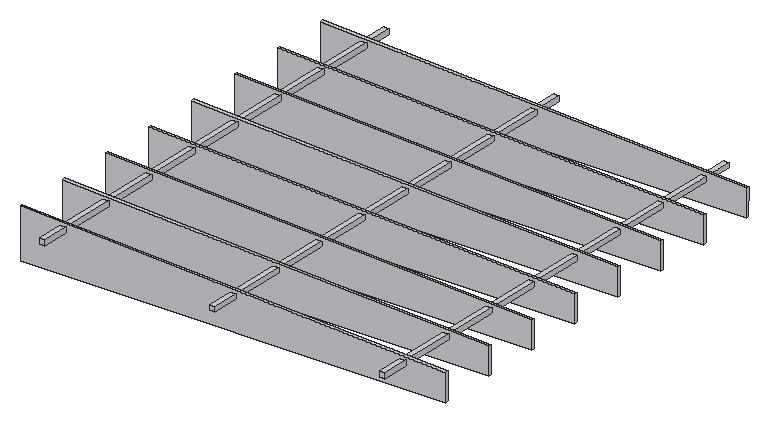
Revit family "J2 PET Felt Switch Baffle System A", category Specialty Equipment, Revit 2021
Family settings
  Round Connector Dimension = Use Diameter
  Part Type = Normal
  Work Plane-Based = No
  Always vertical = Yes
  Cut with Voids When Loaded = No
  Shared = No
  Room Calculation Point = No
Parameters (values of type "Switch Baffle System A 8'-0"x7'-11"x11"")
  Overall Width (Max. 7'-11") = 7' - 11"
  URL = "https://www.j2systems.net/"
  Symbol Name = "CSBSSW-A"
  Style Number = "CSBSSW-A"
  Release Date = "2019"
  Product Line = "Ceiling System"
  Number of Support Rails Needed = if([Overall Width (Max. 7'-11")] > 5' 6", 3, 2)  # 3
  End Spacing = ([Nominal Length (Max. 8'-0")] / Baffles / 2)  # 0' - 6"
  Baffles = 8
  Model = "Switch Baffle System A"
  Manufacturer = "J2 Systems"  # constant formula
  Nominal Length (Max. 8'-0") = 8' - 0"
  Felt Color = none
  Default Elevation = 0' - 0"
  Baffle Spacing [instance] = 1' - 0"
  Baffle Height @ Narrow End = 0' - 6"
  Baffle Height (Max. 3'-11") = 0' - 11"
Types (2): name | Overall Width (Max. 7'-11") | Number of Support Rails Needed
  Switch Baffle System A 8'-0"x7'-11"x11" | 7' - 11" | 3
  Switch Baffle System A 8'-0"x3'-11"x11" | 3' - 11" | 2
Reference planes (in)
  plane 1 "Center (Front/Back)": y = 0
  plane 2: z = 0
  plane 3 "Center (Left/Right)": x = 0
  plane 4: y = 48
  plane 5: y = -48
  plane 6: x = -47.5
  plane 7: x = 47.5
  plane 8 "Top Edge": z = 11
  plane 9: y = 42
  plane 10: y = -42
  plane 11 "Center L/S": z = 10.25
  plane 12 "Center L/T": z = 5
Dimensions and locks (in)
  equal spacing: plane 4, plane 1 "Center (Front/Back)", plane 5
  equal spacing: plane 6, plane 3 "Center (Left/Right)", plane 7
  "Nominal Length (Max. 8'-0")": plane 4 to plane 5
  "Overall Width (Max. 7'-11")": plane 6 to plane 7
  "Baffle Height (Max. 3'-11")": plane 8 "Top Edge" to level
  locked: plane 6 to nested 1 at 9
  equal spacing: group 1, group 11, group 2  (x3)
  locked: nested 2 to plane 7 at 9
  "End Spacing": plane 4 to plane 9
  "End Spacing": plane 10 to plane 5
  plane 8 "Top Edge" to plane 11 "Center L/S" = 0' - 0 3/4"
  equal spacing: group 3, group 5, group 6, group 7, group 8, group 9, group 10, group 4  (x2)
  equal spacing: group 4, group 10, group 9, group 8, group 7, group 6, group 5, group 3
  "Baffle Height @ Narrow End": plane 8 "Top Edge" to plane 12 "Center L/T"
  aligned and locked: plane 2 to level
  aligned and locked: plane 11 "Center L/S" to nested 2
  aligned and locked: plane 11 "Center L/S" to nested 1
  aligned and locked: nested 3 to plane 9
  aligned and locked: nested 4 to plane 10
Nested families (in)
  nested 1: "Aluminum Support Rail" at (-37.9375, 0, 9.125), type "Aluminum Support Rail"
    with Length 8' - 0"
  nested 2: "Aluminum Support Rail" at (37.9375, 0, 9.125), type "Aluminum Support Rail"
    with Length 8' - 0"
  nested 3: "J2 PET Felt Switch Baffle Single" at (0, 42, 0), type "Switch Baffle 7'-11" x 11""
  nested 4: "J2 PET Felt Switch Baffle Single" at (0, -42, 0), type "Switch Baffle 7'-11" x 11""
  nested 5: "J2 PET Felt Switch Baffle Single" at (0, 30, 0), type "Switch Baffle 7'-11" x 11""
  nested 6: "J2 PET Felt Switch Baffle Single" at (0, 18, 0), type "Switch Baffle 7'-11" x 11""
  nested 7: "J2 PET Felt Switch Baffle Single" at (0, 6, 0), type "Switch Baffle 7'-11" x 11""
  nested 8: "J2 PET Felt Switch Baffle Single" at (0, -6, 0), type "Switch Baffle 7'-11" x 11""
  nested 9: "J2 PET Felt Switch Baffle Single" at (0, -18, 0), type "Switch Baffle 7'-11" x 11""
  nested 10: "J2 PET Felt Switch Baffle Single" at (0, -30, 0), type "Switch Baffle 7'-11" x 11""
  nested 11: "Aluminum Support Rail" at (0, 0, 9.125), type "Aluminum Support Rail"
    with Length 8' - 0"
Definition of nested family "Aluminum Support Rail"
  Parameters (values of type "Aluminum Support Rail")
    URL = "https://www.j2systems.net/"
    Symbol Name = "CSBFRE"
    Style Number = "CSBFRE"
    Release Date = "2019"
    Product Line = "Ceiling System"
    Model = "Rectangular Baffle Single"
    Manufacturer = "J2 Systems"  # constant formula
    Length = 7' - 11"
    Default Elevation = 0' - 0"
  Reference planes (in)
    plane 1 "Center (Front/Back)": y = 0
    plane 2: z = 0
    plane 3 "Center (Left/Right)": x = 0
    plane 4: y = 47.5
    plane 5: y = -47.5
    plane 6: x = -0.5625
    plane 7: x = 0.5625
    plane 8: z = 11
  Forms (in)
    Extrusion 1, solid
      sketch origin (0, 0, 0) x (1, 0, 0) y (0, 1, 0)
        loop
          line (-0.5625, 47.5) -> (-0.5625, -47.5) -> (0.5625, -47.5) -> (0.5625, 47.5) -> (-0.5625, 47.5)
      from 0 to 1.125
  Dimensions and locks (in)
    equal spacing: plane 6, plane 3 "Center (Left/Right)", plane 7
    locked: plane 8 to level at 11
    equal spacing: plane 4, plane 1 "Center (Front/Back)", plane 5
    plane 6 to plane 7 = 0' - 1 1/8"
    "Length": plane 4 to plane 5
    aligned and locked: plane 2 to level
    aligned and locked: plane 7 to Extrusion 1
    aligned and locked: Extrusion 1 to plane 6
    aligned and locked: Extrusion 1 to plane 5
    aligned and locked: plane 4 to Extrusion 1
  Automatic sketch dimensions
    Extrusion 1 sketch curve to plane 5 = 0' - 0"
    Extrusion 1 sketch curve to plane 6 = 0' - 0"
    Extrusion 1 sketch curve to plane 7 = 0' - 0"
    Extrusion 1 sketch curve to plane 4 = 0' - 0"
Definition of nested family "J2 PET Felt Switch Baffle Single"
  Parameters (values of type "Switch Baffle 7'-11" x 11"")
    URL = "https://www.j2systems.net/"
    Symbol Name = "CSBFSW"
    Style Number = "CSBFSW"
    Release Date = "2019"
    Product Line = "Ceiling System"
    Model = "Switch Baffle Single"
    Manufacturer = "J2 Systems"  # constant formula
    Baffle Length (Max. 7'-11") = 7' - 11"
    Felt Color = none
    Default Elevation = 0' - 0"
    Baffle Height @ Narrow End = 0' - 6"
    Baffle Height (Max. 3'-11") = 0' - 11"
  Reference planes (in)
    plane 1 "Center (Front/Back)": y = 0
    plane 2: z = 0
    plane 3 "Center (Left/Right)": x = 0
    plane 4: y = 0.25
    plane 5: y = -0.25
    plane 6: x = -47.5
    plane 7: x = 47.5
    plane 8: z = 11
    plane 9: z = 5
  Forms (in)
    Extrusion 1, solid, material <- "Felt Color"
      sketch origin (0, 0, 0) x (1, 0, 0) y (0, 0, 1)
        loop
          line (-47.5, 11) -> (-47.5, 0) -> (47.5, 5) -> (47.5, 11) -> (-47.5, 11)
      from -0.25 to 0.25
  Dimensions and locks (in)
    equal spacing: plane 6, plane 3 "Center (Left/Right)", plane 7
    "Baffle Length (Max. 7'-11")": plane 6 to plane 7
    "Baffle Height (Max. 3'-11")": plane 8 to level
    "Baffle Height @ Narrow End": plane 8 to plane 9
    aligned and locked: plane 2 to level
    aligned and locked: plane 9 to Extrusion 1 sketch curve
    aligned and locked: plane 7 to Extrusion 1
    aligned and locked: plane 8 to Extrusion 1
    aligned and locked: Extrusion 1 to plane 6
    aligned and locked: level to Extrusion 1 sketch curve
  Automatic sketch dimensions
    Extrusion 1 sketch curve to plane 6 = 0' - 0"
    Extrusion 1 sketch curve to plane 7 = 0' - 0"
    Extrusion 1 sketch curve to plane 8 = 0' - 0"
